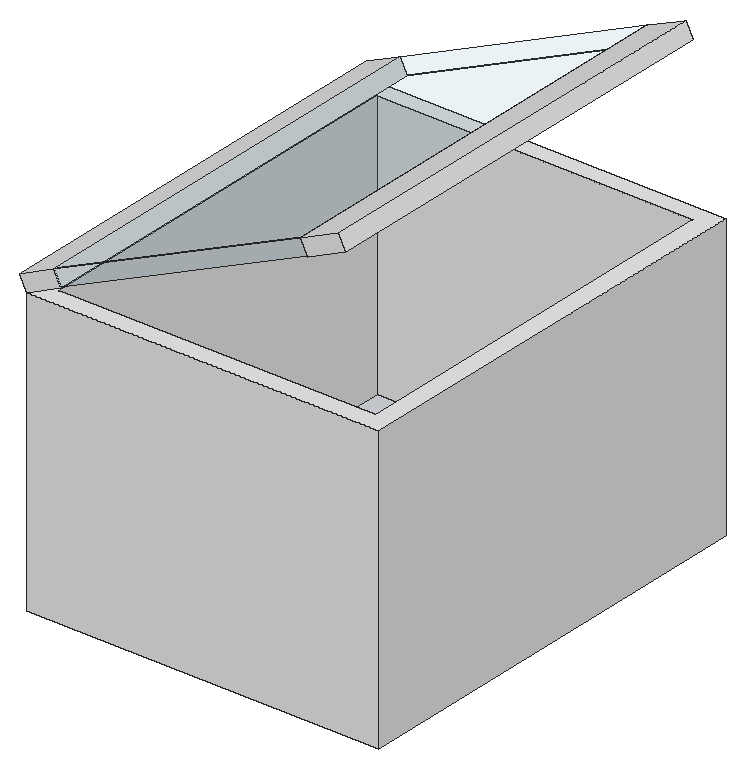
Revit family "Domotics-NetworkCabling-GEWISS-CABINETS_WALL-MOUNTED_10_6U", category Apparecchi elettrici, host Superficie, Revit 2019
Family settings
  Host = Superficie
  Mantenere orientamento annotazione = Sì
  Quota connettore circolare = Usa diametro
  Tipo di parte = Normale
  Taglio con vuoti quando caricato = No
  Condiviso = No
  Punto di calcolo locali = Sì
Parameters (values of type "GW38432 - WALL CABINET 10 8U DEPTH 265MM")
  simbolo in pianta [instance] = yes
  Visibilità sportello [instance] = yes
  Version file RFA = "21.2"
  URL = "https://www.gewiss.com/ww/en"
  Type of door = "Reversible"
  Technical sheet = "https://www.gewiss.com/ww/en/search?q=GW38432"
  Static load capacity = "15KG"
  SEO = "Board"
  Realized by GEWISS S.p.A. = ""
  Default Elevation = 1219.2 mm
  Produttore = "GEWISS S.p.A."
  Outer dim. LxHxD (mm) = "325x400x262"
  Nome quadro [instance] = "n.quadro"
  No. uprights = "2"
  Modello = "GW38432"
  Material = "Steel"
  Immagine tipo = A.jpg
  IP degree = "IP20"
  IDT = "6908dd95ba2d4d7d80b407934de9d0a7"
  IDF = "9c3b2a50-5590-4e52-9c8f-468d1bdaf3f7"
  Finishing = "Textured"
  Electrocod = "3752"
  Door opening = "180°"
  Distanza_x [instance] = -380.34 mm
  Distanza simbolo [instance] = 0 mm
  Distanza effettiva x [instance] = 1000 mm - Distanza_x  # 1380.34 mm
  Descrizione = "WALL CABINET 10 8U DEPTH 265MM"
  Colour = "Grey (RAL 7035)"
  Category = "10” wall-mount cabinet"
  Catalogue = "DOMOTICS"
  Cabling unity = "8U"
  COBie.Tagnumber = ""
  COBie.CreatedOn = ""
  COBie.CreatebBy = ""
  COBie.ComponentRegisterItemID = ""
  COBie.Component.TagNumber = ""
  COBie.Component.Space = ""
  COBie.Component.SerialNumber = ""
  COBie.Component.InstallationDate = ""
  COBie.Component.Description = ""
  COBie.Component.BarCode = ""
  Apertura [instance] = 25.00°
Reference planes
  plane 1 "Centro (Fronte/Retro)": y = 0
  plane 2: z = 0
  plane 3 "Centro (Sinistra/Destra)": x = 0
  plane 4: x = -1380.34
  plane 5: x = 0
Forms (mm)
  Extrusion 1, solid, detail levels coarse
    sketch origin (0, 0, 0) x (1, 0, 0) y (0, 1, 0)
      loop
        line (0, 0) -> (325, 0) -> (325, 400) -> (0, 400) -> (0, 0)
    from 0 to 263
Dimensions and locks
  plane 4 to plane 3 "Centro (Sinistra/Destra)" = 1380.34 mm
  "Distanza effettiva x": plane 4 to plane 5
  aligned and locked: host face to plane 2
  aligned and locked: host face to level
  aligned and locked: plane 1 "Centro (Fronte/Retro)" to nested 1
  aligned and locked: plane 3 "Centro (Sinistra/Destra)" to nested 1
  aligned and locked: nested 2 to plane 5
  aligned and locked: Extrusion 1 sketch curve to nested 1  (x4)
  aligned and locked: Extrusion 1 to nested 1
Automatic sketch dimensions
  host sketch curve to host sketch curve = 3398.537 mm
  host sketch curve to host sketch curve = 3619.2 mm
Nested families
  nested 1: "DATACENTER QUADRO PARETE 8U_base" at (0, 0, 0), Apertura <- "Apertura", Sportello <- "Visibilità sportello", visible <- "Visibilità sportello", type "DATACENTER QUADRO PARETE 8U_base", detail levels medium+fine
  nested 2: "DATACENTERsimbolo" at (0, 911.19, 0), Distanza dal muro <- "Distanza simbolo", SIMBOLO ACCESO <- "simbolo in pianta", visible <- "simbolo in pianta", type "3P"
    with SIMBOLO ACCESO yes, Distanza dal muro 0 mm
Definition of nested family "DATACENTER QUADRO PARETE 8U_base"
  Parameters (values of type "DATACENTER QUADRO PARETE 8U_base")
    Struttura = none
    Sportello_vetro = none
    Sportello visibile [instance] = yes
    Sportello lato = none
    Sportello [instance] = yes
    Profondità quadro = 263 mm  # constant formula
    L_quadro = 325 mm  # constant formula
    Altezza quadro = 400 mm  # constant formula
    Apertura [instance] = 25.00°
  Reference planes
    plane 1 "Centro (Fronte/Retro)": y = 0
    plane 2: z = 0
    plane 3 "Centro (Sinistra/Destra)": x = 0
    plane 4: x = 325
    plane 5: y = 400
    plane 6: x = 16.5
    plane 7: y = 383.5
    plane 8: y = 16.5
    plane 9: x = 308.5
    plane 10: z = 263
    plane 11: z = 16.5
    plane 12: x = 46.5
  Forms (mm)
    Extrusion 1, solid, material <- "Struttura"
      sketch origin (0, 0, 0) x (1, 0, 0) y (0, 1, 0)
        loop
          line (16.5, 383.5) -> (16.5, 16.5) -> (308.5, 16.5) -> (308.5, 383.5) -> (16.5, 383.5)
        loop
          line (0, 400) -> (0, 0) -> (325, 0) -> (325, 400) -> (0, 400)
      from 0 to 263
    Extrusion 2, solid
      sketch origin (0, 0, 0) x (1, 0, 0) y (0, 1, 0)
        loop
          line (16.5, 383.5) -> (16.5, 16.5) -> (308.5, 16.5) -> (308.5, 383.5) -> (16.5, 383.5)
      from 0 to 16.5
    Extrusion 3, solid, material <- "Sportello lato", visible <- "Sportello visibile"
      sketch origin (489.962, 0, 491.473) x (-0.906308, 0, -0.422618) y (0, -1, 0)
        loop
          line (215.614, 0) -> (215.614, -400) -> (254.241, -400) -> (254.241, 0) -> (215.614, 0)
        loop
          line (540.614, -400) -> (540.614, 0) -> (506.604, 0) -> (506.604, -400) -> (540.614, -400)
      from 0 to 15
    Extrusion 4, solid, material <- "Sportello_vetro", visible <- "Sportello visibile"
      sketch origin (489.962, 0, 491.473) x (-0.906308, 0, -0.422618) y (0, -1, 0)
        loop
          line (506.604, 0) -> (254.241, 0) -> (254.241, -400) -> (506.604, -400) -> (506.604, 0)
      from 0 to 15
  Lines and regions (mm)
    reference lines
      curve 1: line (489.962, 0, 491.473) -> (0, 0, 263)
  Dimensions and locks
    "L_quadro": plane 3 "Centro (Sinistra/Destra)" to plane 4
    "Altezza quadro": plane 1 "Centro (Fronte/Retro)" to plane 5
    locked: plane 5 to plane 7 at 16.5
    locked: plane 9 to plane 4 at 16.5
    locked: plane 3 "Centro (Sinistra/Destra)" to plane 6 at 16.5
    locked: plane 1 "Centro (Fronte/Retro)" to plane 8 at 16.5
    "Profondità quadro": plane 10 to plane 2
    locked: plane 11 to level at 16.5
    locked: plane 6 to plane 12 at 30
    locked: Extrusion 3 sketch curve to Extrusion 3 sketch curve at 38.628
    locked: Extrusion 3 sketch curve to Extrusion 3 sketch curve at 34.009
    "L_quadro": Extrusion 3 sketch curve to Extrusion 3 sketch curve
    "Altezza quadro": Extrusion 3 sketch curve to Extrusion 3 sketch curve  (x2)
    "Altezza quadro": Extrusion 4 sketch curve to Extrusion 4 sketch curve
    "Apertura": angle plane 10 to curve 1
    aligned and locked: level to plane 2
    aligned and locked: Extrusion 1 sketch curve to plane 7
    aligned and locked: Extrusion 1 sketch curve to plane 5
    aligned and locked: Extrusion 1 sketch curve to plane 3 "Centro (Sinistra/Destra)"
    aligned and locked: Extrusion 1 sketch curve to plane 6
    aligned and locked: Extrusion 1 sketch curve to plane 1 "Centro (Fronte/Retro)"
    aligned and locked: Extrusion 1 sketch curve to plane 8
    aligned and locked: Extrusion 1 sketch curve to plane 9
    aligned and locked: Extrusion 1 sketch curve to plane 4
    aligned and locked: plane 10 to Extrusion 1
    aligned and locked: Extrusion 2 sketch curve to plane 6
    aligned and locked: Extrusion 2 sketch curve to plane 7
    aligned and locked: Extrusion 2 sketch curve to plane 9
    aligned and locked: Extrusion 2 sketch curve to plane 8
    aligned and locked: plane 11 to Extrusion 2
    aligned and locked: curve 1 to Extrusion 1
    aligned and locked: plane 10 to curve 1
    aligned and locked: Extrusion 3 sketch curve to plane 5
    aligned and locked: Extrusion 3 sketch curve to plane 1 "Centro (Fronte/Retro)"
    aligned and locked: Extrusion 3 sketch curve to Extrusion 1
    aligned and locked: Extrusion 4 sketch curve to curve 1
    aligned and locked: Extrusion 4 sketch curve to Extrusion 3  (x2)
  Automatic sketch dimensions
    curve 1 to plane 3 "Centro (Sinistra/Destra)" = 0 mm
Definition of nested family "DATACENTERsimbolo"
  Parameters (values of type "3P")
    SIMBOLO ACCESO [instance] = yes
    Distanza dal muro [instance] = 0 mm
  Reference planes
    plane 1: y = 0
    plane 2: x = 0
  Dimensions and locks
    "Distanza dal muro": plane 1 to nested 1
    aligned and locked: plane 2 to nested 1
  Nested families
    nested 1: "DATACENTERsimbolo.base" at (0, 0, 0), type "3P"
      with CORNICE SIMBOLO yes
  Definition of nested family "DATACENTERsimbolo.base"
    Parameters (values of type "3P")
      Testo = ""
      CORNICE SIMBOLO [instance] = yes
      3P = yes
    Reference planes
      plane 1: y = 0
      plane 2: x = 0
    Lines and regions (mm)
      detail lines
        curve 1: line (6.852, 3.426, 0) -> (8.859, 3.426, 0)
        curve 2: line (8.859, 3.426, 0) -> (8.859, 0, 0)
        curve 3: line (8.859, 0, 0) -> (6.852, 0, 0)
        curve 4: line (6.852, 0, 0) -> (0, 3.426, 0)
        curve 5: line (0, 3.426, 0) -> (3.027, 3.426, 0)
        curve 6: line (3.027, 3.426, 0) -> (6.852, 3.426, 0)
        curve 7: line (6.852, 3.426, 0) -> (6.852, 0, 0)
        curve 8: line (6.852, 0, 0) -> (0, 0, 0)
        curve 9: line (0, 0, 0) -> (0, 3.426, 0)
        curve 10: line (7.856, 1.713, 0) -> (7.856, 2.67, 0)
        curve 11: line (8.526, 0.756, 0) -> (8.526, 1.713, 0)
        curve 12: line (8.526, 1.713, 0) -> (7.185, 1.713, 0)
        curve 13: line (7.185, 1.713, 0) -> (7.185, 0.756, 0)
    Text (mm)
      label "RJ" at (7.87, 1.29, 0), shows "Testo"
    Nested families
      nested 1: "testo_simb" at (7.89, 1.134, 0), type "3P"
        with SIMBOLO ACCESO yes, Distanza dal muro 0 mm
      nested 2: "testo_simb" at (7.855, 0, 0), type "3P"
        with SIMBOLO ACCESO yes, Distanza dal muro 0 mm
      nested 3: "testo_simb" at (7.855, 0, 0), type "3P"
        with SIMBOLO ACCESO yes, Distanza dal muro 0 mm
      nested 4: "testo_simb" at (7.855, 0, 0), type "3P"
        with SIMBOLO ACCESO yes, Distanza dal muro 0 mm
      nested 5: "testo_simb" at (7.855, 0, 0), type "3P"
        with SIMBOLO ACCESO yes, Distanza dal muro 0 mm
    Definition of nested family "testo_simb"
      Parameters (values of type "3P")
        testo simb = ""
        SIMBOLO ACCESO [instance] = yes
        Distanza dal muro [instance] = 0 mm
      Reference planes
        plane 1: y = 0
        plane 2: x = 0
      Text (mm)
        label "RJ" at (0.02, 0.123, 0), shows "testo simb"
